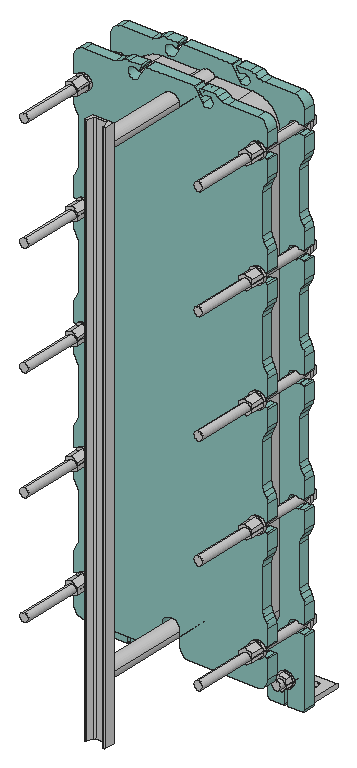
Revit family "Ekin_Endüstriyel - MIT517", category Specialty Equipment, Revit 2022 (continued)
Forms (mm)
  Extrusion 32, solid, material "Galvanized Steel- S235JR", detail levels medium
    sketch origin (0, 0, 0) x (1, 0, 0) y (0, 0, 1)
      loop
        line (120.5, 910.001) -> (132.5, 922.001) -> (132.5, 1013.001) -> (120.5, 1025.001) -> (29.5, 1025.001) -> (17.5, 1013.001) -> (17.5, 922.001) -> (29.5, 910.001) -> (120.5, 910.001)
      loop
        circle (75, 967.501) r 39
      loop
        line (-120.5, 910.001) -> (-29.5, 910.001) -> (-17.5, 922.001) -> (-17.5, 1013.001) -> (-29.5, 1025.001) -> (-120.5, 1025.001) -> (-132.5, 1013.001) -> (-132.5, 922.001) -> (-120.5, 910.001)
      loop
        circle (-75, 967.501) r 39
      loop
        line (-120.5, 110.001) -> (-29.5, 110.001) -> (-17.5, 122.001) -> (-17.5, 213.001) -> (-29.5, 225.001) -> (-120.5, 225.001) -> (-132.5, 213.001) -> (-132.5, 122.001) -> (-120.5, 110.001)
      loop
        circle (-75, 167.501) r 39
      loop
        line (29.5, 110.001) -> (120.5, 110.001) -> (132.5, 122.001) -> (132.5, 213.001) -> (120.5, 225.001) -> (29.5, 225.001) -> (17.5, 213.001) -> (17.5, 122.001) -> (29.5, 110.001)
      loop
        circle (75, 167.501) r 39
    from 0 to -15
  Extrusion 33, solid, material "Galvanized Steel- S235JR", detail levels coarse
    sketch origin (0, 0, 0) x (1, 0, 0) y (0, 0, 1)
      loop
        line (132.5, 910.001) -> (132.5, 1025.001) -> (17.5, 1025.001) -> (17.5, 910.001) -> (132.5, 910.001)
      loop
        line (-132.5, 910.001) -> (-17.5, 910.001) -> (-17.5, 1025.001) -> (-132.5, 1025.001) -> (-132.5, 910.001)
      loop
        line (-132.5, 110.001) -> (-17.5, 110.001) -> (-17.5, 225.001) -> (-132.5, 225.001) -> (-132.5, 110.001)
      loop
        line (17.5, 110.001) -> (132.5, 110.001) -> (132.5, 225.001) -> (17.5, 225.001) -> (17.5, 110.001)
    from 0 to -15
  Extrusion 34, solid, material "Galvanized Steel- S235JR", detail levels coarse
    sketch origin (0, 0, 1060) x (1, 0, 0) y (0, 1, 0)
      loop
        line (20, -290) -> (20, -270) -> (-20, -270) -> (-20, -290) -> (20, -290)
    from 0 to -1060
Cuts and joins
  Extrusion 21 cuts Extrusion 20
Dimensions and locks
  "Lk": plane 7 "1" to plane 6 "2"
  "Head & Follower Plate": plane 1 "Center (Front/Back)" to plane 7 "1"
  "Lc": plane 7 "1" to plane 8 "3"
  "Lc": plane 10 to plane 1 "Center (Front/Back)"
  locked: Extrusion 19 sketch curve to Extrusion 19 sketch curve at 20
  "Tightening Bolt": diameter of Extrusion 5 sketch curve  (x10)
  aligned and locked: level to plane 2
  aligned and locked: Extrusion 1 to plane 7 "1"
  aligned and locked: Extrusion 1 to plane 1 "Center (Front/Back)"
  aligned and locked: Extrusion 3 to plane 6 "2"
  aligned and locked: plane 7 "1" to Extrusion 3
  aligned and locked: plane 10 to Extrusion 5
  aligned and locked: Extrusion 5 to plane 1 "Center (Front/Back)"
  aligned and locked: Extrusion 4 to plane 8 "3"
  aligned and locked: Extrusion 4 to Extrusion 1
  aligned and locked: Extrusion 19 sketch curve to Extrusion 19 sketch curve
  aligned and locked: Extrusion 19 sketch curve to plane 8 "3"
  aligned and locked: Extrusion 28 to Extrusion 27
  aligned and locked: Extrusion 31 to Extrusion 30
  aligned and locked: Extrusion 26 to plane 7 "1"
  aligned and locked: Extrusion 29 to plane 7 "1"
  aligned and locked: Extrusion 34 sketch curve to Extrusion 19  (x4)
Automatic sketch dimensions
  Extrusion 1 sketch curve to Extrusion 1 sketch curve = 0.00 mm  (x70)
  Extrusion 1 sketch curve to level = 0.00 mm  (x4)
  Extrusion 1 sketch curve to plane 3 "Center (Left/Right)" = 0.00 mm  (x2)
  Extrusion 1 sketch curve to plane 3 "Center (Left/Right)" = 33.00 mm  (x4)
  Extrusion 1 sketch curve to plane 3 "Center (Left/Right)" = 45.751 mm
  Extrusion 1 sketch curve to Extrusion 1 sketch curve = 1.732 mm  (x6)
  Extrusion 1 sketch curve to Extrusion 1 sketch curve = 8.083 mm  (x2)
  Extrusion 1 sketch curve to Extrusion 1 sketch curve = 3.779 mm  (x2)
  Extrusion 1 sketch curve to Extrusion 1 sketch curve = 1.128 mm  (x2)
  Extrusion 1 sketch curve to Extrusion 1 sketch curve = 36.216 mm
  Extrusion 1 sketch curve to Extrusion 1 sketch curve = 9.526 mm  (x2)
  Extrusion 1 sketch curve to Extrusion 1 sketch curve = 42.00 mm  (x22)
  Extrusion 1 sketch curve to Extrusion 1 sketch curve = 9.641 mm  (x2)
  Extrusion 1 sketch curve to Extrusion 1 sketch curve = 14.142 mm  (x5)
  Extrusion 1 sketch curve to Extrusion 1 sketch curve = 10.00 mm  (x12)
  Extrusion 1 sketch curve to Extrusion 1 sketch curve = 25.784 mm  (x4)
  Extrusion 1 sketch curve to Extrusion 1 sketch curve = 8.038 mm  (x18)
  level to Extrusion 1 sketch curve = 43.358 mm  (x2)
  Extrusion 1 sketch curve to Extrusion 1 sketch curve = 5.858 mm  (x2)
  Extrusion 1 sketch curve to Extrusion 1 sketch curve = 9.321 mm  (x2)
  Extrusion 1 sketch curve to Extrusion 1 sketch curve = 5.00 mm
  Extrusion 1 sketch curve to Extrusion 1 sketch curve = 25.00 mm  (x4)
  Extrusion 1 sketch curve to Extrusion 1 sketch curve = 30.00 mm  (x2)
  Extrusion 1 sketch curve to Extrusion 1 sketch curve = 2.00 mm  (x34)
  Extrusion 1 sketch curve to Extrusion 1 sketch curve = 3.00 mm  (x2)
  Extrusion 1 sketch curve to Extrusion 1 sketch curve = 6.00 mm  (x2)
  level to Extrusion 1 sketch curve = 2.00 mm  (x2)
  Extrusion 1 sketch curve to plane 3 "Center (Left/Right)" = 165.00 mm  (x2)
  Extrusion 1 sketch curve to Extrusion 1 sketch curve = 48.00 mm  (x6)
  Extrusion 1 sketch curve to Extrusion 1 sketch curve = 57.321 mm
  Extrusion 1 sketch curve to Extrusion 1 sketch curve = 1.00 mm  (x15)
  Extrusion 1 sketch curve to Extrusion 1 sketch curve = 8.573 mm  (x20)
  Extrusion 1 sketch curve to Extrusion 1 sketch curve = 2.679 mm  (x26)
  Extrusion 1 sketch curve to Extrusion 1 sketch curve = 4.641 mm  (x18)
  Extrusion 1 sketch curve to Extrusion 1 sketch curve = 8.427 mm  (x20)
  Extrusion 1 sketch curve to Extrusion 1 sketch curve = 20.00 mm  (x8)
  Extrusion 1 sketch curve to Extrusion 1 sketch curve = 17.321 mm  (x8)
  plane 3 "Center (Left/Right)" to Extrusion 1 sketch curve = 33.00 mm  (x4)
  plane 3 "Center (Left/Right)" to Extrusion 1 sketch curve = 45.751 mm
  plane 3 "Center (Left/Right)" to Extrusion 1 sketch curve = 69.216 mm
  level to Extrusion 1 sketch curve = 5.00 mm  (x2)
  plane 3 "Center (Left/Right)" to Extrusion 1 sketch curve = 165.00 mm
  Extrusion 1 sketch curve to Extrusion 1 sketch curve = 31.00 mm  (x2)
  Extrusion 1 sketch curve to Extrusion 1 sketch curve = 12.00 mm  (x2)
  Extrusion 1 sketch curve to Extrusion 1 sketch curve = 39.351 mm
  Extrusion 1 sketch curve to Extrusion 1 sketch curve = 11.15 mm  (x2)
  Extrusion 1 sketch curve to Extrusion 1 sketch curve = 56.359 mm  (x2)
  Extrusion 1 sketch curve to Extrusion 1 sketch curve = 5.25 mm  (x2)
  Extrusion 1 sketch curve to Extrusion 1 sketch curve = 8.75 mm  (x14)
  Extrusion 1 sketch curve to Extrusion 1 sketch curve = 17.50 mm  (x6)
  Extrusion 1 sketch curve to Extrusion 1 sketch curve = 30.571 mm  (x16)
  Extrusion 1 sketch curve to Extrusion 1 sketch curve = 74.282 mm  (x8)
  Extrusion 1 sketch curve to Extrusion 1 sketch curve = 1.359 mm  (x3)
  Extrusion 1 sketch curve to Extrusion 1 sketch curve = 9.85 mm
  Extrusion 1 sketch curve to Extrusion 1 sketch curve = 25.749 mm  (x2)
  Extrusion 1 sketch curve to Extrusion 1 sketch curve = 26.999 mm  (x2)
  Extrusion 1 sketch curve to Extrusion 1 sketch curve = 3.50 mm  (x2)
  Extrusion 1 sketch curve to Extrusion 1 sketch curve = 8.454 mm  (x2)
  Extrusion 1 sketch curve to Extrusion 1 sketch curve = 6.546 mm  (x2)
  Extrusion 1 sketch curve to plane 3 "Center (Left/Right)" = 6.00 mm
  Extrusion 1 sketch curve to plane 3 "Center (Left/Right)" = 6.25 mm
  Extrusion 1 sketch curve to Extrusion 1 sketch curve = 7.00 mm  (x16)
  Extrusion 1 sketch curve to Extrusion 1 sketch curve = 37.499 mm  (x4)
  Extrusion 2 sketch curve to Extrusion 2 sketch curve = 0.00 mm  (x28)
  Extrusion 2 sketch curve to plane 3 "Center (Left/Right)" = 0.00 mm  (x2)
  plane 3 "Center (Left/Right)" to Extrusion 2 sketch curve = 16.50 mm
  Extrusion 2 sketch curve to Extrusion 2 sketch curve = 20.00 mm  (x15)
  plane 3 "Center (Left/Right)" to Extrusion 2 sketch curve = 45.751 mm
  Extrusion 2 sketch curve to Extrusion 2 sketch curve = 1.732 mm  (x6)
  Extrusion 2 sketch curve to Extrusion 2 sketch curve = 8.083 mm  (x2)
  Extrusion 2 sketch curve to Extrusion 2 sketch curve = 3.779 mm  (x2)
  Extrusion 2 sketch curve to Extrusion 2 sketch curve = 1.128 mm  (x2)
  Extrusion 2 sketch curve to Extrusion 2 sketch curve = 9.526 mm  (x2)
  Extrusion 2 sketch curve to Extrusion 2 sketch curve = 9.641 mm  (x2)
  Extrusion 2 sketch curve to Extrusion 2 sketch curve = 10.00 mm  (x12)
  Extrusion 2 sketch curve to Extrusion 2 sketch curve = 8.038 mm  (x18)
  Extrusion 2 sketch curve to Extrusion 2 sketch curve = 57.321 mm  (x3)
  plane 3 "Center (Left/Right)" to Extrusion 2 sketch curve = 165.00 mm  (x2)
  level to Extrusion 2 sketch curve = 75.00 mm  (x2)
  Extrusion 2 sketch curve to Extrusion 2 sketch curve = 128.50 mm  (x2)
  Extrusion 2 sketch curve to Extrusion 2 sketch curve = 1.00 mm  (x15)
  Extrusion 2 sketch curve to Extrusion 2 sketch curve = 8.573 mm  (x20)
  Extrusion 2 sketch curve to Extrusion 2 sketch curve = 2.679 mm  (x29)
  Extrusion 2 sketch curve to Extrusion 2 sketch curve = 4.641 mm  (x18)
  Extrusion 2 sketch curve to Extrusion 2 sketch curve = 8.427 mm  (x20)
  Extrusion 2 sketch curve to Extrusion 2 sketch curve = 2.00 mm  (x25)
  Extrusion 2 sketch curve to Extrusion 2 sketch curve = 17.321 mm  (x6)
  Extrusion 2 sketch curve to plane 3 "Center (Left/Right)" = 45.751 mm
  Extrusion 2 sketch curve to Extrusion 2 sketch curve = 25.651 mm
  Extrusion 2 sketch curve to Extrusion 2 sketch curve = 35.751 mm  (x2)
  Extrusion 2 sketch curve to Extrusion 2 sketch curve = 8.75 mm  (x15)
  Extrusion 2 sketch curve to Extrusion 2 sketch curve = 17.50 mm  (x5)
  Extrusion 2 sketch curve to Extrusion 2 sketch curve = 30.571 mm  (x16)
  Extrusion 2 sketch curve to Extrusion 2 sketch curve = 74.282 mm  (x8)
  Extrusion 2 sketch curve to Extrusion 2 sketch curve = 25.85 mm
  Extrusion 2 sketch curve to Extrusion 2 sketch curve = 25.749 mm  (x2)
  Extrusion 2 sketch curve to Extrusion 2 sketch curve = 13.50 mm  (x2)
  Extrusion 2 sketch curve to Extrusion 2 sketch curve = 3.50 mm  (x2)
  Extrusion 2 sketch curve to Extrusion 2 sketch curve = 8.454 mm  (x2)
  Extrusion 2 sketch curve to Extrusion 2 sketch curve = 6.546 mm  (x2)
  plane 3 "Center (Left/Right)" to Extrusion 2 sketch curve = 14.879 mm
  Extrusion 2 sketch curve to plane 3 "Center (Left/Right)" = 14.879 mm
  Extrusion 2 sketch curve to Extrusion 2 sketch curve = 1.904 mm
  Extrusion 3 sketch curve to Extrusion 3 sketch curve = 0.00 mm  (x10)
  plane 3 "Center (Left/Right)" to Extrusion 3 sketch curve = 136.00 mm
  Extrusion 3 sketch curve to Extrusion 3 sketch curve = 50.00 mm  (x3)
  Extrusion 3 sketch curve to Extrusion 3 sketch curve = 11.00 mm  (x4)
  plane 3 "Center (Left/Right)" to Extrusion 3 sketch curve = 20.57 mm  (x2)
  Extrusion 3 sketch curve to Extrusion 3 sketch curve = 2.37 mm  (x2)
  Extrusion 3 sketch curve to Extrusion 3 sketch curve = 2.635 mm  (x4)
  Extrusion 3 sketch curve to Extrusion 3 sketch curve = 5.27 mm  (x4)
  Extrusion 3 sketch curve to plane 3 "Center (Left/Right)" = 15.30 mm  (x2)
  Extrusion 3 sketch curve to Extrusion 3 sketch curve = 0.265 mm  (x2)
  Extrusion 3 sketch curve to Extrusion 3 sketch curve = 59.70 mm  (x2)
  level to Extrusion 3 sketch curve = 107.501 mm
  Extrusion 3 sketch curve to Extrusion 3 sketch curve = 3.00 mm  (x2)
  Extrusion 3 sketch curve to Extrusion 3 sketch curve = 9.198 mm  (x2)
  Extrusion 3 sketch curve to Extrusion 3 sketch curve = 2.868 mm
  Extrusion 3 sketch curve to Extrusion 3 sketch curve = 10.00 mm  (x4)
  Extrusion 3 sketch curve to Extrusion 3 sketch curve = 800.00 mm
  Extrusion 3 sketch curve to Extrusion 3 sketch curve = 22.50 mm
  Extrusion 3 sketch curve to Extrusion 3 sketch curve = 6.00 mm  (x2)
  Extrusion 3 sketch curve to Extrusion 3 sketch curve = 4.434 mm  (x2)
  Extrusion 3 sketch curve to Extrusion 3 sketch curve = 23.50 mm  (x2)
  Extrusion 3 sketch curve to plane 3 "Center (Left/Right)" = 37.50 mm  (x2)
  Extrusion 4 sketch curve to Extrusion 4 sketch curve = 0.00 mm  (x4)
  Extrusion 4 sketch curve to plane 3 "Center (Left/Right)" = 0.00 mm  (x2)
  level to Extrusion 4 sketch curve = 114.351 mm
  Extrusion 4 sketch curve to Extrusion 4 sketch curve = 905.00 mm
  Extrusion 4 sketch curve to plane 3 "Center (Left/Right)" = 14.879 mm  (x2)
  plane 3 "Center (Left/Right)" to Extrusion 4 sketch curve = 14.879 mm  (x2)
  Extrusion 4 sketch curve to Extrusion 4 sketch curve = 1.904 mm  (x2)
  Extrusion 5 sketch curve to Extrusion 5 sketch curve = 0.00 mm  (x20)
  Extrusion 5 sketch curve to plane 3 "Center (Left/Right)" = 166.00 mm  (x5)
  plane 3 "Center (Left/Right)" to Extrusion 5 sketch curve = 166.00 mm  (x5)
  level to Extrusion 5 sketch curve = 141.145 mm  (x2)
  Extrusion 5 sketch curve to Extrusion 5 sketch curve = 213.00 mm  (x2)
  Extrusion 5 sketch curve to Extrusion 5 sketch curve = 213.356 mm  (x4)
  Extrusion 5 sketch curve to Extrusion 5 sketch curve = 212.644 mm  (x2)
  Extrusion 5 sketch curve to Extrusion 5 sketch curve = 0.825 mm  (x20)
  Extrusion 6 sketch curve to Extrusion 6 sketch curve = 0.00 mm  (x20)
  Extrusion 6 sketch curve to plane 3 "Center (Left/Right)" = 166.00 mm  (x5)
  plane 3 "Center (Left/Right)" to Extrusion 6 sketch curve = 166.00 mm  (x5)
  level to Extrusion 6 sketch curve = 141.501 mm  (x2)
  Extrusion 6 sketch curve to Extrusion 6 sketch curve = 213.00 mm  (x8)
  Extrusion 6 sketch curve to Extrusion 6 sketch curve = 0.089 mm  (x20)
  Extrusion 6 sketch curve to Extrusion 6 sketch curve = 15.00 mm  (x10)
  Extrusion 2 to Extrusion 7 sketch curve = 3.552 mm  (x10)
  Extrusion 2 to Extrusion 7 sketch curve = 0.814 mm  (x20)
  Extrusion 2 to Extrusion 7 sketch curve = 2.358 mm  (x10)
  Extrusion 7 sketch curve to Extrusion 2 = 7.806 mm  (x10)
  Extrusion 7 sketch curve to Extrusion 2 = 5.055 mm  (x20)
  Extrusion 7 sketch curve to Extrusion 2 = 10.194 mm  (x10)
  Extrusion 7 sketch curve to Extrusion 7 sketch curve = 12.552 mm  (x5)
  Extrusion 2 to Extrusion 7 sketch curve = 2.881 mm  (x20)
  Extrusion 7 sketch curve to Extrusion 7 sketch curve = 1.194 mm  (x9)
  Extrusion 7 sketch curve to Extrusion 7 sketch curve = 11.358 mm
  Extrusion 7 sketch curve to Extrusion 2 = 21.552 mm  (x5)
  Extrusion 9 sketch curve to plane 3 "Center (Left/Right)" = 178.65 mm  (x5)
  Extrusion 9 sketch curve to Extrusion 9 sketch curve = 1.429 mm  (x16)
  Extrusion 9 sketch curve to Extrusion 9 sketch curve = 11.222 mm  (x14)
  Extrusion 9 sketch curve to Extrusion 9 sketch curve = 12.65 mm  (x20)
  plane 3 "Center (Left/Right)" to Extrusion 9 sketch curve = 153.35 mm  (x5)
  level to Extrusion 9 sketch curve = 127.718 mm  (x2)
  Extrusion 9 sketch curve to Extrusion 9 sketch curve = 5.654 mm  (x16)
  Extrusion 9 sketch curve to Extrusion 9 sketch curve = 8.129 mm  (x14)
  Extrusion 9 sketch curve to Extrusion 9 sketch curve = 13.783 mm  (x20)
  Extrusion 9 sketch curve to Extrusion 9 sketch curve = 185.435 mm  (x8)
  level to Extrusion 10 sketch curve = 49.263 mm  (x2)
  Extrusion 10 sketch curve to plane 3 "Center (Left/Right)" = 163.184 mm
  level to Extrusion 10 sketch curve = 35.713 mm  (x2)
  Extrusion 10 sketch curve to Extrusion 10 sketch curve = 2.901 mm  (x4)
  level to Extrusion 10 sketch curve = 58.549 mm  (x2)
  Extrusion 10 sketch curve to Extrusion 10 sketch curve = 10.284 mm  (x2)
  level to Extrusion 10 sketch curve = 31.451 mm  (x2)
  Extrusion 10 sketch curve to Extrusion 10 sketch curve = 13.184 mm  (x4)
  level to Extrusion 10 sketch curve = 54.287 mm  (x2)
  level to Extrusion 10 sketch curve = 40.737 mm  (x2)
  plane 3 "Center (Left/Right)" to Extrusion 10 sketch curve = 136.816 mm
  level to Extrusion 11 sketch curve = 45.00 mm  (x2)
  Extrusion 11 sketch curve to plane 3 "Center (Left/Right)" = 150.00 mm
  plane 3 "Center (Left/Right)" to Extrusion 11 sketch curve = 150.00 mm
  Extrusion 12 sketch curve to Extrusion 12 sketch curve = 0.00 mm  (x4)
  level to Extrusion 12 sketch curve = 45.00 mm  (x2)
  Extrusion 12 sketch curve to plane 3 "Center (Left/Right)" = 150.00 mm
  plane 3 "Center (Left/Right)" to Extrusion 12 sketch curve = 150.00 mm
  Extrusion 12 sketch curve to Extrusion 12 sketch curve = 1.654 mm  (x4)
  Extrusion 12 sketch curve to Extrusion 12 sketch curve = 7.725 mm  (x2)
  level to Extrusion 13 sketch curve = 45.00 mm  (x2)
  Extrusion 13 sketch curve to plane 3 "Center (Left/Right)" = 150.00 mm
  plane 3 "Center (Left/Right)" to Extrusion 13 sketch curve = 150.00 mm
  level to Extrusion 14 sketch curve = 49.263 mm  (x2)
  Extrusion 14 sketch curve to plane 3 "Center (Left/Right)" = 163.184 mm
  level to Extrusion 14 sketch curve = 35.713 mm  (x2)
  Extrusion 14 sketch curve to Extrusion 14 sketch curve = 2.901 mm  (x4)
  level to Extrusion 14 sketch curve = 58.549 mm  (x2)
  Extrusion 14 sketch curve to Extrusion 14 sketch curve = 10.284 mm  (x2)
  level to Extrusion 14 sketch curve = 31.451 mm  (x2)
  Extrusion 14 sketch curve to Extrusion 14 sketch curve = 13.184 mm  (x4)
  level to Extrusion 14 sketch curve = 54.287 mm  (x2)
  level to Extrusion 14 sketch curve = 40.737 mm  (x2)
  plane 3 "Center (Left/Right)" to Extrusion 14 sketch curve = 136.816 mm
  Extrusion 15 sketch curve to Extrusion 15 sketch curve = 0.00 mm  (x42)
  Extrusion 15 sketch curve to plane 3 "Center (Left/Right)" = 132.50 mm  (x2)
  Extrusion 15 sketch curve to Extrusion 15 sketch curve = 12.00 mm  (x16)
  Extrusion 15 sketch curve to Extrusion 15 sketch curve = 3.50 mm  (x26)
  Extrusion 15 sketch curve to Extrusion 15 sketch curve = 15.50 mm  (x14)
  Extrusion 15 sketch curve to Extrusion 15 sketch curve = 42.00 mm  (x20)
  Extrusion 15 sketch curve to plane 3 "Center (Left/Right)" = 33.00 mm  (x4)
  plane 3 "Center (Left/Right)" to Extrusion 15 sketch curve = 17.50 mm  (x2)
  level to Extrusion 15 sketch curve = 110.001 mm
  Extrusion 15 sketch curve to Extrusion 15 sketch curve = 685.00 mm
  Extrusion 15 sketch curve to Extrusion 15 sketch curve = 6.00 mm  (x8)
  Extrusion 15 sketch curve to Extrusion 15 sketch curve = 39.00 mm  (x2)
  Extrusion 15 sketch curve to Extrusion 15 sketch curve = 9.50 mm  (x8)
  plane 3 "Center (Left/Right)" to Extrusion 15 sketch curve = 36.00 mm  (x2)
  Extrusion 16 sketch curve to Extrusion 16 sketch curve = 0.00 mm  (x46)
  Extrusion 16 sketch curve to plane 3 "Center (Left/Right)" = 117.00 mm  (x2)
  Extrusion 16 sketch curve to plane 3 "Center (Left/Right)" = 33.00 mm  (x4)
  plane 3 "Center (Left/Right)" to Extrusion 16 sketch curve = 33.00 mm  (x4)
  Extrusion 16 sketch curve to Extrusion 16 sketch curve = 84.00 mm  (x5)
  level to Extrusion 16 sketch curve = 125.501 mm  (x2)
  Extrusion 16 sketch curve to Extrusion 16 sketch curve = 716.00 mm
  Extrusion 16 sketch curve to Extrusion 16 sketch curve = 15.00 mm  (x16)
  Extrusion 17 sketch curve to plane 3 "Center (Left/Right)" = 129.50 mm  (x2)
  Extrusion 17 sketch curve to Extrusion 17 sketch curve = 0.00 mm  (x7)
  Extrusion 17 sketch curve to Extrusion 17 sketch curve = 12.50 mm  (x48)
  Extrusion 17 sketch curve to plane 3 "Center (Left/Right)" = 45.50 mm  (x4)
  plane 3 "Center (Left/Right)" to Extrusion 17 sketch curve = 20.50 mm  (x4)
  Extrusion 17 sketch curve to Extrusion 17 sketch curve = 59.00 mm  (x4)
  level to Extrusion 17 sketch curve = 111.067 mm  (x2)
  Extrusion 17 sketch curve to Extrusion 17 sketch curve = 7.217 mm  (x48)
  Extrusion 17 sketch curve to Extrusion 17 sketch curve = 14.434 mm  (x32)
  Extrusion 17 sketch curve to Extrusion 17 sketch curve = 55.132 mm  (x8)
  Extrusion 17 sketch curve to Extrusion 17 sketch curve = 687.132 mm
  Extrusion 18 sketch curve to Extrusion 18 sketch curve = 0.00 mm  (x4)
  Extrusion 18 sketch curve to plane 3 "Center (Left/Right)" = 0.00 mm  (x2)
  level to Extrusion 18 sketch curve = 114.351 mm
  Extrusion 18 sketch curve to Extrusion 18 sketch curve = 905.00 mm
  Extrusion 18 sketch curve to plane 3 "Center (Left/Right)" = 9.00 mm  (x2)
  Extrusion 19 sketch curve to plane 3 "Center (Left/Right)" = 20.00 mm
  Extrusion 19 sketch curve to Extrusion 19 sketch curve = 1.50 mm
  Extrusion 19 sketch curve to Extrusion 19 sketch curve = 1.137 mm  (x2)
  Extrusion 19 sketch curve to Extrusion 19 sketch curve = 1.955 mm  (x2)
  Extrusion 19 sketch curve to plane 8 "3" = 7.365 mm  (x2)
  Extrusion 19 sketch curve to Extrusion 19 sketch curve = 6.988 mm  (x2)
  Extrusion 19 sketch curve to Extrusion 19 sketch curve = 2.932 mm  (x2)
  plane 3 "Center (Left/Right)" to Extrusion 19 sketch curve = 10.08 mm
  Extrusion 19 sketch curve to Extrusion 19 sketch curve = 2.396 mm
  Extrusion 19 sketch curve to Extrusion 19 sketch curve = 1.576 mm  (x2)
  Extrusion 19 sketch curve to Extrusion 19 sketch curve = 0.635 mm
  Extrusion 20 sketch curve to level = 0.00 mm
  Extrusion 20 sketch curve to plane 1 "Center (Front/Back)" = 0.00 mm
  level to Extrusion 20 sketch curve = 1.00 mm
  Extrusion 20 sketch curve to Extrusion 20 sketch curve = 2.00 mm
  Extrusion 20 sketch curve to Extrusion 20 sketch curve = 3.50 mm
  level to Extrusion 20 sketch curve = 7.50 mm
  Extrusion 20 sketch curve to Extrusion 20 sketch curve = 5.00 mm
  Extrusion 20 sketch curve to plane 1 "Center (Front/Back)" = 4.50 mm
  Extrusion 20 sketch curve to Extrusion 20 sketch curve = 54.50 mm
  Extrusion 20 sketch curve to Extrusion 20 sketch curve = 3.00 mm
  plane 9 "Bolt End" to Extrusion 20 sketch curve = 49.30 mm
  Extrusion 21 sketch curve to Extrusion 21 sketch curve = 0.00 mm  (x4)
  plane 1 "Center (Front/Back)" to Extrusion 21 sketch curve = 0.00 mm
  plane 9 "Bolt End" to Extrusion 21 sketch curve = 26.30 mm  (x2)
  Extrusion 21 sketch curve to Extrusion 21 sketch curve = 25.00 mm  (x3)
  Extrusion 21 sketch curve to plane 3 "Center (Left/Right)" = 150.00 mm
  plane 3 "Center (Left/Right)" to Extrusion 21 sketch curve = 125.00 mm
  Extrusion 21 sketch curve to Extrusion 21 sketch curve = 9.00 mm  (x2)
  Extrusion 22 sketch curve to Extrusion 22 sketch curve = 0.00 mm  (x20)
  Extrusion 22 sketch curve to plane 3 "Center (Left/Right)" = 166.00 mm  (x5)
  plane 3 "Center (Left/Right)" to Extrusion 22 sketch curve = 166.00 mm  (x5)
  level to Extrusion 22 sketch curve = 141.501 mm  (x2)
  Extrusion 22 sketch curve to Extrusion 22 sketch curve = 213.00 mm  (x8)
  Extrusion 22 sketch curve to Extrusion 22 sketch curve = 0.178 mm  (x20)
  Extrusion 22 sketch curve to Extrusion 22 sketch curve = 29.999 mm  (x10)
  Extrusion 23 sketch curve to Extrusion 2 = 2.558 mm  (x20)
  Extrusion 2 to Extrusion 23 sketch curve = 6.301 mm  (x10)
  Extrusion 2 to Extrusion 23 sketch curve = 3.443 mm  (x10)
  Extrusion 23 sketch curve to Extrusion 2 = 6.143 mm  (x10)
  Extrusion 23 sketch curve to Extrusion 2 = 11.857 mm  (x10)
  Extrusion 23 sketch curve to Extrusion 2 = 7.507 mm  (x20)
  Extrusion 23 sketch curve to Extrusion 23 sketch curve = 25.301 mm  (x5)
  Extrusion 23 sketch curve to Extrusion 23 sketch curve = 22.443 mm  (x5)
  Extrusion 23 sketch curve to Extrusion 2 = 34.301 mm  (x5)
  Extrusion 23 sketch curve to Extrusion 23 sketch curve = 2.857 mm  (x5)
  Extrusion 23 sketch curve to Extrusion 2 = 18.815 mm  (x20)
  Extrusion 24 sketch curve to Extrusion 24 sketch curve = 0.00 mm  (x10)
  Extrusion 24 sketch curve to Extrusion 2 = 8.822 mm  (x10)
  Extrusion 24 sketch curve to Extrusion 2 = 9.178 mm  (x10)
  Extrusion 25 sketch curve to plane 3 "Center (Left/Right)" = 191.301 mm  (x5)
  Extrusion 25 sketch curve to Extrusion 25 sketch curve = 2.857 mm  (x10)
  Extrusion 25 sketch curve to Extrusion 25 sketch curve = 22.443 mm  (x20)
  Extrusion 25 sketch curve to Extrusion 25 sketch curve = 25.301 mm  (x20)
  plane 3 "Center (Left/Right)" to Extrusion 25 sketch curve = 140.699 mm  (x5)
  level to Extrusion 25 sketch curve = 113.936 mm  (x2)
  Extrusion 25 sketch curve to Extrusion 25 sketch curve = 11.308 mm  (x10)
  Extrusion 25 sketch curve to Extrusion 25 sketch curve = 16.257 mm  (x20)
  Extrusion 25 sketch curve to Extrusion 25 sketch curve = 27.565 mm  (x20)
  Extrusion 25 sketch curve to Extrusion 25 sketch curve = 157.87 mm  (x8)
  Extrusion 26 sketch curve to Extrusion 26 sketch curve = 0.00 mm  (x15)
  Extrusion 26 sketch curve to level = 0.00 mm  (x2)
  Extrusion 26 sketch curve to plane 4 = 1345.00 mm
  Extrusion 26 sketch curve to Extrusion 26 sketch curve = 5.00 mm
  Extrusion 26 sketch curve to plane 4 = 1326.00 mm
  Extrusion 26 sketch curve to Extrusion 26 sketch curve = 19.00 mm
  Extrusion 26 sketch curve to Extrusion 26 sketch curve = 14.00 mm
  Extrusion 26 sketch curve to Extrusion 26 sketch curve = 20.00 mm  (x2)
  Extrusion 26 sketch curve to Extrusion 26 sketch curve = 60.00 mm
  level to Extrusion 26 sketch curve = 5.00 mm  (x3)
  level to Extrusion 26 sketch curve = 43.358 mm
  Extrusion 26 sketch curve to Extrusion 26 sketch curve = 5.858 mm
  Extrusion 26 sketch curve to Extrusion 26 sketch curve = 57.321 mm
  Extrusion 26 sketch curve to Extrusion 26 sketch curve = 14.142 mm  (x5)
  level to Extrusion 26 sketch curve = 69.142 mm
  Extrusion 26 sketch curve to Extrusion 26 sketch curve = 25.784 mm  (x3)
  Extrusion 26 sketch curve to Extrusion 26 sketch curve = 28.038 mm  (x2)
  Extrusion 26 sketch curve to Extrusion 26 sketch curve = 32.679 mm
  Extrusion 26 sketch curve to Extrusion 26 sketch curve = 91.00 mm
  Extrusion 26 sketch curve to Extrusion 26 sketch curve = 79.641 mm
  Extrusion 26 sketch curve to Extrusion 26 sketch curve = 69.216 mm
  Extrusion 26 sketch curve to plane 4 = 1090.784 mm
  Extrusion 26 sketch curve to plane 4 = 1085.00 mm  (x2)
  Extrusion 26 sketch curve to plane 4 = 1080.359 mm
  Extrusion 26 sketch curve to plane 4 = 995.00 mm
  Extrusion 26 sketch curve to plane 4 = 994.00 mm  (x5)
  Extrusion 26 sketch curve to plane 4 = 980.00 mm
  level to Extrusion 26 sketch curve = 29.216 mm
  Extrusion 26 sketch curve to Extrusion 26 sketch curve = 39.351 mm
  Extrusion 26 sketch curve to Extrusion 26 sketch curve = 72.359 mm  (x2)
  Extrusion 26 sketch curve to Extrusion 26 sketch curve = 53.15 mm  (x2)
  Extrusion 26 sketch curve to Extrusion 26 sketch curve = 187.00 mm  (x3)
  Extrusion 26 sketch curve to Extrusion 26 sketch curve = 213.00 mm  (x4)
  Extrusion 26 sketch curve to Extrusion 26 sketch curve = 26.00 mm  (x2)
  Extrusion 26 sketch curve to Extrusion 26 sketch curve = 51.85 mm
  Extrusion 26 sketch curve to Extrusion 26 sketch curve = 36.499 mm  (x2)
  Extrusion 26 sketch curve to Extrusion 26 sketch curve = 10.00 mm
  Extrusion 26 sketch curve to Extrusion 26 sketch curve = 37.499 mm  (x4)
  Extrusion 26 sketch curve to Extrusion 26 sketch curve = 6.25 mm
  Extrusion 26 sketch curve to Extrusion 26 sketch curve = 6.00 mm
  Extrusion 27 sketch curve to Extrusion 27 sketch curve = 0.00 mm  (x24)
  Extrusion 27 sketch curve to plane 4 = 975.00 mm
  Extrusion 27 sketch curve to plane 4 = 994.00 mm  (x5)
  Extrusion 27 sketch curve to plane 4 = 995.00 mm  (x2)
  Extrusion 27 sketch curve to plane 4 = 1052.321 mm
  Extrusion 27 sketch curve to Extrusion 27 sketch curve = 28.038 mm  (x2)
  Extrusion 27 sketch curve to plane 4 = 1123.50 mm
  Extrusion 27 sketch curve to Extrusion 27 sketch curve = 20.00 mm  (x4)
  Extrusion 27 sketch curve to Extrusion 27 sketch curve = 79.641 mm  (x2)
  Extrusion 27 sketch curve to Extrusion 27 sketch curve = 16.50 mm
  Extrusion 27 sketch curve to Extrusion 27 sketch curve = 57.321 mm
  level to Extrusion 27 sketch curve = 75.00 mm
  Extrusion 27 sketch curve to Extrusion 27 sketch curve = 128.50 mm
  Extrusion 27 sketch curve to plane 4 = 1326.00 mm
  Extrusion 27 sketch curve to Extrusion 27 sketch curve = 1.00 mm  (x2)
  Extrusion 27 sketch curve to Extrusion 27 sketch curve = 25.651 mm
  Extrusion 27 sketch curve to Extrusion 27 sketch curve = 46.501 mm  (x2)
  Extrusion 27 sketch curve to Extrusion 27 sketch curve = 213.00 mm  (x8)
  Extrusion 27 sketch curve to Extrusion 27 sketch curve = 25.85 mm
  Extrusion 27 sketch curve to Extrusion 27 sketch curve = 36.499 mm  (x2)
  Extrusion 27 sketch curve to Extrusion 27 sketch curve = 10.00 mm
  Extrusion 27 sketch curve to Extrusion 27 sketch curve = 11.75 mm  (x10)
  Extrusion 27 sketch curve to Extrusion 27 sketch curve = 14.879 mm  (x2)
  Extrusion 27 sketch curve to Extrusion 27 sketch curve = 1.904 mm
  Extrusion 28 sketch curve to Extrusion 28 sketch curve = 0.00 mm  (x10)
  Extrusion 28 sketch curve to plane 4 = 1024.00 mm
  Extrusion 28 sketch curve to Extrusion 28 sketch curve = 50.00 mm  (x4)
  Extrusion 28 sketch curve to Extrusion 28 sketch curve = 11.00 mm  (x4)
  Extrusion 28 sketch curve to Extrusion 28 sketch curve = 49.604 mm  (x4)
  Extrusion 28 sketch curve to Extrusion 28 sketch curve = 12.244 mm  (x4)
  Extrusion 28 sketch curve to Extrusion 28 sketch curve = 26.304 mm  (x2)
  Extrusion 28 sketch curve to Extrusion 28 sketch curve = 61.00 mm
  level to Extrusion 28 sketch curve = 107.501 mm
  Extrusion 28 sketch curve to Extrusion 28 sketch curve = 22.50 mm
  Extrusion 28 sketch curve to Extrusion 28 sketch curve = 60.00 mm  (x4)
  Extrusion 28 sketch curve to Extrusion 28 sketch curve = 800.00 mm
  Extrusion 28 sketch curve to Extrusion 28 sketch curve = 10.00 mm  (x2)
  Extrusion 28 sketch curve to Extrusion 28 sketch curve = 37.50 mm  (x3)
  Extrusion 28 sketch curve to Extrusion 28 sketch curve = 23.50 mm  (x2)
  plane 5 to Extrusion 31 sketch curve = 1136.00 mm
  plane 5 to Extrusion 31 sketch curve = 1025.396 mm  (x2)
  plane 5 to Extrusion 31 sketch curve = 1013.152 mm  (x2)
  plane 5 to Extrusion 31 sketch curve = 986.848 mm  (x2)
  plane 5 to Extrusion 31 sketch curve = 974.604 mm  (x2)
  Extrusion 31 sketch curve to Extrusion 31 sketch curve = 110.604 mm
  level to Extrusion 31 sketch curve = 107.501 mm  (x2)
  Extrusion 31 sketch curve to Extrusion 31 sketch curve = 22.50 mm  (x3)
  Extrusion 31 sketch curve to Extrusion 31 sketch curve = 875.00 mm
  Extrusion 32 sketch curve to Extrusion 32 sketch curve = 0.00 mm  (x12)
  Extrusion 32 sketch curve to plane 4 = 1292.50 mm  (x2)
  Extrusion 32 sketch curve to Extrusion 32 sketch curve = 12.00 mm  (x24)
  level to Extrusion 32 sketch curve = 110.001 mm
  Extrusion 32 sketch curve to Extrusion 32 sketch curve = 45.50 mm  (x16)
  Extrusion 32 sketch curve to Extrusion 32 sketch curve = 35.00 mm  (x2)
  Extrusion 32 sketch curve to Extrusion 32 sketch curve = 57.50 mm  (x2)
  Extrusion 32 sketch curve to plane 4 = 1039.50 mm  (x4)
  Extrusion 32 sketch curve to Extrusion 32 sketch curve = 685.00 mm
  Extrusion 32 sketch curve to Extrusion 32 sketch curve = 39.00 mm  (x4)
  plane 5 to Extrusion 33 sketch curve = 867.50 mm  (x2)
  plane 5 to Extrusion 33 sketch curve = 982.50 mm  (x2)
  plane 5 to Extrusion 33 sketch curve = 1017.50 mm  (x2)
  Extrusion 33 sketch curve to Extrusion 33 sketch curve = 115.00 mm  (x6)
  level to Extrusion 33 sketch curve = 110.001 mm  (x2)
  Extrusion 33 sketch curve to Extrusion 33 sketch curve = 685.00 mm
  Extrusion 33 sketch curve to Extrusion 33 sketch curve = 0.00 mm
  Extrusion 30 sketch curve to Extrusion 30 sketch curve = 0.00 mm  (x22)
  plane 5 to Extrusion 30 sketch curve = 1000.00 mm
  plane 5 to Extrusion 30 sketch curve = 1016.50 mm
  Extrusion 30 sketch curve to Extrusion 30 sketch curve = 149.50 mm  (x2)
  plane 5 to Extrusion 30 sketch curve = 1166.00 mm  (x4)
  Extrusion 30 sketch curve to Extrusion 30 sketch curve = 19.00 mm  (x2)
  plane 5 to Extrusion 30 sketch curve = 983.50 mm
  plane 5 to Extrusion 30 sketch curve = 834.00 mm  (x4)
  level to Extrusion 30 sketch curve = 75.00 mm  (x2)
  Extrusion 30 sketch curve to Extrusion 30 sketch curve = 62.151 mm
  Extrusion 30 sketch curve to Extrusion 30 sketch curve = 66.145 mm  (x2)
  Extrusion 30 sketch curve to Extrusion 30 sketch curve = 213.00 mm  (x2)
  Extrusion 30 sketch curve to Extrusion 30 sketch curve = 213.356 mm  (x4)
  Extrusion 30 sketch curve to Extrusion 30 sketch curve = 212.644 mm  (x2)
  Extrusion 30 sketch curve to Extrusion 30 sketch curve = 25.85 mm
  Extrusion 30 sketch curve to Extrusion 30 sketch curve = 66.499 mm
  plane 5 to Extrusion 30 sketch curve = 1014.879 mm
  Extrusion 30 sketch curve to Extrusion 30 sketch curve = 0.825 mm  (x20)
  plane 5 to Extrusion 30 sketch curve = 985.121 mm
  Extrusion 30 sketch curve to Extrusion 30 sketch curve = 7.957 mm  (x10)
  Extrusion 30 sketch curve to Extrusion 30 sketch curve = 1.904 mm
  Extrusion 29 sketch curve to Extrusion 29 sketch curve = 0.00 mm  (x10)
  Extrusion 29 sketch curve to level = 0.00 mm  (x2)
  plane 5 to Extrusion 29 sketch curve = 885.00 mm
  Extrusion 29 sketch curve to Extrusion 29 sketch curve = 51.00 mm  (x2)
  plane 5 to Extrusion 29 sketch curve = 834.00 mm  (x4)
  Extrusion 29 sketch curve to Extrusion 29 sketch curve = 19.00 mm  (x2)
  plane 5 to Extrusion 29 sketch curve = 1115.00 mm
  plane 5 to Extrusion 29 sketch curve = 1166.00 mm  (x4)
  Extrusion 29 sketch curve to Extrusion 29 sketch curve = 75.00 mm
  Extrusion 29 sketch curve to Extrusion 29 sketch curve = 66.145 mm  (x2)
  Extrusion 29 sketch curve to Extrusion 29 sketch curve = 213.00 mm  (x2)
  Extrusion 29 sketch curve to Extrusion 29 sketch curve = 213.356 mm  (x4)
  Extrusion 29 sketch curve to Extrusion 29 sketch curve = 212.644 mm  (x2)
  Extrusion 29 sketch curve to Extrusion 29 sketch curve = 66.499 mm
  Extrusion 29 sketch curve to Extrusion 29 sketch curve = 0.825 mm  (x20)
  Extrusion 29 sketch curve to Extrusion 29 sketch curve = 7.957 mm  (x10)
  radius of Extrusion 2 to Extrusion 8 sketch curve = 3.25 mm  (x10)
  radius of Extrusion 11 sketch curve = 15.00 mm  (x2)
  radius of Extrusion 13 sketch curve = 15.00 mm  (x2)
  radius of Extrusion 2 to Extrusion 24 sketch curve = 18.25 mm  (x10)
  radius of Extrusion 26 sketch curve = 11.75 mm  (x10)
Connectors
  piping at (75, 15, 967.501), diameter 63.5
    settings: on Extrusion 15, index 1, connector inside diameter 609.6 mm, connector length 0.00 mm, flow factor 0, pipe flow 0.0 L/s, pressure drop 0 bar, fitting loss kfactor 0, connector angle 0.00°, fixture units 0, engagement length 0.00 mm, angle of deflection 0.00°, flow configuration 0, flow direction 1, fitting loss method 0, system type 7, joint type 0, gender type 0, connector reference index -1, connector utility 0, adjustable connector no, is connector primary yes, connector description ""
  piping at (-75, 15, 967.501), diameter 63.5
    settings: on Extrusion 15, index 2, connector inside diameter 609.6 mm, connector length 0.00 mm, flow factor 0, pipe flow 0.0 L/s, pressure drop 0 bar, fitting loss kfactor 0, connector angle 0.00°, fixture units 0, engagement length 0.00 mm, angle of deflection 0.00°, flow configuration 0, flow direction 2, fitting loss method 0, system type 7, joint type 0, gender type 0, connector reference index -1, connector utility 0, adjustable connector no, is connector primary no, connector description ""
  piping at (75, 15, 167.501), diameter 63.5
    settings: on Extrusion 15, index 3, connector inside diameter 609.6 mm, connector length 0.00 mm, flow factor 0, pipe flow 0.0 L/s, pressure drop 0 bar, fitting loss kfactor 0, connector angle 0.00°, fixture units 0, engagement length 0.00 mm, angle of deflection 0.00°, flow configuration 0, flow direction 2, fitting loss method 0, system type 7, joint type 0, gender type 0, connector reference index -1, connector utility 0, adjustable connector no, is connector primary no, connector description ""
  piping at (-75, 15, 167.501), diameter 63.5
    settings: on Extrusion 15, index 4, connector inside diameter 609.6 mm, connector length 0.00 mm, flow factor 0, pipe flow 0.0 L/s, pressure drop 0 bar, fitting loss kfactor 0, connector angle 0.00°, fixture units 0, engagement length 0.00 mm, angle of deflection 0.00°, flow configuration 0, flow direction 1, fitting loss method 0, system type 7, joint type 0, gender type 0, connector reference index -1, connector utility 0, adjustable connector no, is connector primary no, connector description ""
